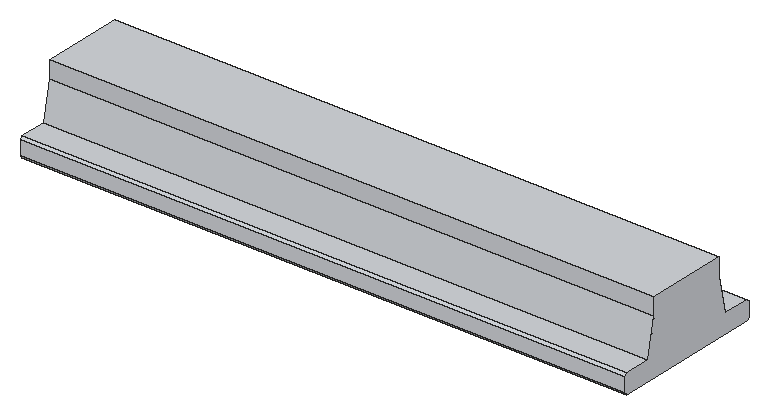
Revit family "Bjælke - LB(B)", category Structural Framing, Revit 2019
Family settings
  Section Shape = Not Defined
  Material for Model Behavior = Other
  Always export as geometry = No
  OmniClass Number = 23.25.30.11.14.14
  OmniClass Title = Beams
  Always vertical = Yes
  Cut with Voids When Loaded = No
  Symbolic Representation = From Family
  Shared = No
  Show family pre-cut in plan views = Yes
Parameters (values of type "LB 64/22/8")
  Model = if(Bredt Element, "LBB", "LB")  # "LB"
  Konsol Tykkelse = if(Tyk Konsol, 120 mm, 80 mm)  # 80 mm
  Hylde Højde Maks = 400 mm  # constant formula
  Hylde Højde = 220 mm
  Bredt Element = no
  Bredde = if(Bredt Element, 840 mm, 640 mm)  # 640 mm
  Structural Material [instance] = (empty or 0)
  Manufacturer = "CRH Concrete"  # constant formula
  Length [instance] = 3000 mm
  Højde = if(Hylde Højde Maks < Hylde Højde, Hylde Højde Maks, Hylde Højde) + Konsol Tykkelse  # 300 mm
  CRH_RFA_TimeStamp_LastRelease = 20191107  # constant formula
  Tyk Konsol = no
Types (5, lengths in mm): name | Model | Konsol Tykkelse | Bredt Element | Bredde | Højde | Tyk Konsol
  (no name) | "LB" | 80 | no | 640 | 300 | no
  LB 64/22/8 | "LB" | 80 | no | 640 | 300 | no
  LBB 84/22/8 | "LBB" | 80 | yes | 840 | 300 | no
  LBB 84/22/12 | "LBB" | 120 | yes | 840 | 340 | yes
  LB 64/22/12 | "LB" | 120 | no | 640 | 340 | yes
Reference planes
  plane 1 "Center (Front/Back)": y = 0
  plane 2 "Center Elevation": z = 0
  plane 3 "Center (Left/Right)": x = 0
  plane 4 "Left": x = -1500
  plane 5 "Member Left": x = -1250
  plane 6 "Stick Symbol Left": x = -1000
  plane 7 "Right": x = 1500
  plane 8 "Member Right": x = 1250
  plane 9 "Stick Symbol Right": x = 1000
Forms (mm)
  Sweep 1, solid
    path origin (0, 0, 0) x (1, 0, 0) y (0, 1, 0)
      loop
        line (-1250, 0) -> (1250, 0)
    profile "Profile-LB : Profile-LB" origin (0, 0, 0) x (0, 1, 0) y (0, 0, 1)
      loop
        line (-170, -70) -> (-200, -220) -> (-310, -220) -> (-320, -230) -> (-320, -290) -> (-310, -300) -> (310, -300) -> (320, -290) -> (320, -230) -> (310, -220) -> (200, -220) -> (170, -70) -> (170, 0) -> (-170, 0) -> (-170, -70)
Lines and regions (mm)
  model lines, style "Stick Symbols", not visible, detail levels coarse
    curve 1: line (-1000, 0, 0) -> (1000, 0, 0)
Dimensions and locks
  equal spacing: plane 4 "Left", plane 3 "Center (Left/Right)", plane 7 "Right"
  "Length": plane 4 "Left" to plane 7 "Right"
  aligned and locked: plane 1 "Center (Front/Back)" to curve 1
  aligned and locked: plane 6 "Stick Symbol Left" to curve 1
  aligned and locked: plane 9 "Stick Symbol Right" to curve 1
  aligned and locked: plane 2 "Center Elevation" to level
  aligned and locked: plane 1 "Center (Front/Back)" to Sweep 1 sketch curve
  aligned and locked: plane 5 "Member Left" to Sweep 1 sketch curve
  aligned and locked: plane 8 "Member Right" to Sweep 1 sketch curve
